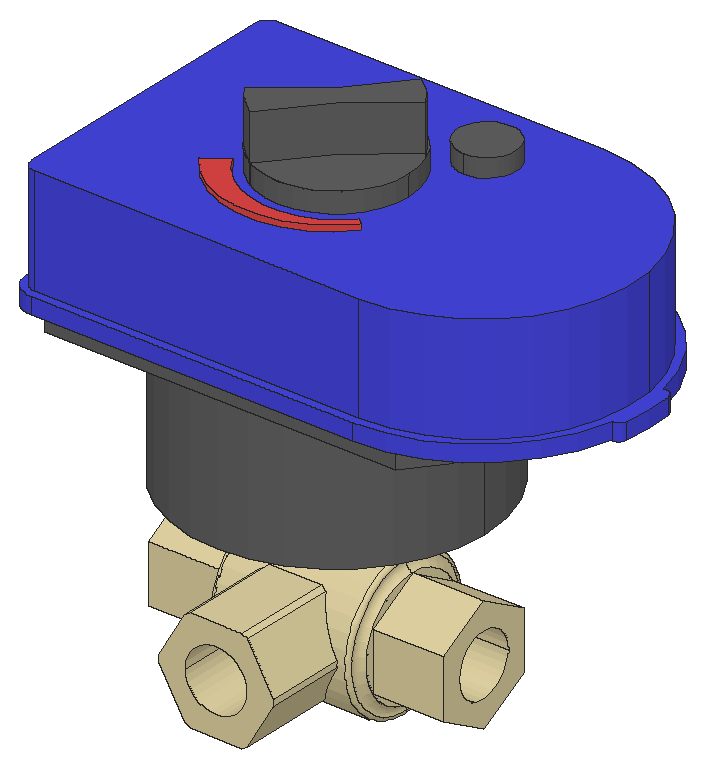
Revit family "QD34700000", category Apparecchi idraulici, Revit 2020
Family settings
  Quota connettore circolare = Usa diametro
  Tipo di parte = Normale
  Numero OmniClass = 23.45.00.00
  Titolo OmniClass = Sanitary, Laundry, and Cleaning Equipment
  Basato su piano di lavoro = No
  Sempre verticale = Sì
  Taglio con vuoti quando caricato = No
  Condiviso = No
  Punto di calcolo locali = No
Parameters
  URL = "https://web.cimberio.it/index.php/figura/1106?subcategoria_id=20"
  Temperatura di esercizio = "-10 ÷ 95°C"
  Prospetto di default = 0 mm
  Produttore = "CIMBERIO SPA"
  Pressione nominale = "PN 16"
  Modello = "Cim 680"
  Materiale = "Prodotto in lega di ottone conforme alla norma EN 12165-CW617N-DW"
  Descrizione = "Utilizzato nei più svariati settori dell'impiantistica: impianti di riscaldamento, condizionamento, idrici, igienico-sanitari e in generale con ogni fluido non corrosivo.\r\nParticolarmente indicato come valvola  per la regolazione e contabilizzazione di impianti di riscaldamento singoli o a zone, impianti con utilizzazione di energie alternative, impianti con fluidi caldi o freddi e impianti di automazione in genere."
  DN Model [instance] = QD34701015 : QD34701015
  DN [instance] = 15 mm
  Commenti sul tipo = "Realizzato in ottemperanza ai requisiti gestionali della norma EN ISO 9001.\r\nCollaudato al 100% secondo la normativa EN 12266-1"
Reference planes
  plane 1 "Centro (Fronte/Retro)": y = 0
  plane 2: z = 0
  plane 3 "Centro (Sinistra/Destra)": x = 0
Dimensions and locks
  aligned and locked: level to plane 2
Nested families
  nested 1: "QD34701015" at (0, 0, 0), type <- "DN Model", type "QD34701015"
  nested 2: "QD34701015" at (0, 0, 0), type <- "DN Model", type "QD34701015"
  nested 3: "QD34701015" at (0, 0, 0), type <- "DN Model", type "QD34701015"
  nested 4: "QD34701015" at (0, 0, 0), type <- "DN Model", type "QD34701015"
Connectors
  piping at (35.787, 0, 0), diameter 15, driven by "DN"
    settings: on nested 1, index 1, connector inside diameter 609.6 mm, connector length 0 mm, flow factor 0, pipe flow 0.0 L/s, pressure drop 0.0 Pa, fitting loss kfactor 0, connector angle 0.00°, fixture units 0, engagement length 0 mm, angle of deflection 0.00°, flow configuration 0, flow direction 0, fitting loss method 0, system type 7, joint type 0, gender type 0, connector reference index -1, connector utility 0, adjustable connector no, is connector primary yes, connector description ""
  piping at (-35.787, 0, 0), diameter 15, driven by "DN"
    settings: on nested 1, index 2, connector inside diameter 609.6 mm, connector length 0 mm, flow factor 0, pipe flow 0.0 L/s, pressure drop 0.0 Pa, fitting loss kfactor 0, connector angle 0.00°, fixture units 0, engagement length 0 mm, angle of deflection 0.00°, flow configuration 0, flow direction 0, fitting loss method 0, system type 7, joint type 0, gender type 0, connector reference index -1, connector utility 0, adjustable connector no, is connector primary no, connector description ""
  piping at (0, -36.468, 0), diameter 15, driven by "DN"
    settings: on nested 1, index 3, connector inside diameter 609.6 mm, connector length 0 mm, flow factor 0, pipe flow 0.0 L/s, pressure drop 0.0 Pa, fitting loss kfactor 0, connector angle 0.00°, fixture units 0, engagement length 0 mm, angle of deflection 0.00°, flow configuration 0, flow direction 0, fitting loss method 0, system type 7, joint type 0, gender type 0, connector reference index -1, connector utility 0, adjustable connector no, is connector primary no, connector description ""
Definition of nested family "QD34701015"
  Parameters (values of type "QD34701015")
    URL = "https://web.cimberio.it/index.php/figura/394?subcategoria_id="
    Temperatura di esercizio = "-10 ÷ 95°C"
    Default Elevation = 0 mm
    Manufacturer = "CIMBERIO SPA"
    Pressione nominale = "PN 16"
    Model = "Cim 32"
    Materiale = "Prodotto in lega di ottone conforme alla norma EN 12165-CW617N-DW"
    Description = "Impiegato nei più svariati settori dell'impiantistica in condutture anti-ritorno per: reti di distribuzione acqua potabile, impianti di riscaldamento, condizionamento, igienico-sanitari e in generale con ogni fluido non corrosivo."
    DN [instance] = 50 mm
    Type Comments = "Realizzato in ottemperanza ai requisiti gestionali della norma EN ISO 9001.\r\nCollaudato al 100% secondo la normativa EN 12266-1"
  Reference planes
    plane 1 "Centro (Fronte/Retro)": y = 0
    plane 2: z = 0
    plane 3 "Centro (Sinistra/Destra)": x = 0
    plane 4: y = 17.532
    plane 5: y = -36.468
  Forms (mm)
    Revolve 1, solid
      sketch origin (51.589, 0, -3.5) x (-1, 0, 0) y (0, 0, -1)
        loop
          arc (35.589, 14) -> (34.882, 13.707) -> (34.589, 13) r 1
          arc (34.589, 13) -> (34.343, 11.448) -> (33.089, 10.5) r 2.103
          line (33.089, 10.5) -> (33.089, 4) -> (70.089, 4) -> (70.089, 10.5)
          arc (70.089, 10.5) -> (68.993, 11.542) -> (68.589, 13) r 2.833
          arc (68.589, 13) -> (68.296, 13.707) -> (67.589, 14) r 1
          line (67.589, 14) -> (35.589, 14)
        axis (70.089, -3.5) -> (33.089, -3.5)
      angle from 0 to 360
    Extrusion 2, solid
      sketch origin (0, 0, 0) x (0, 1, 0) y (0, 0, 1)
        loop
          circle (0, 0) r 7.5
        loop
          line (0, 14) -> (-12.124, 7) -> (-12.124, -7) -> (0, -14) -> (12.124, -7) -> (12.124, 7) -> (0, 14)
      from -35.787 to -18
    Revolve 3, solid
      sketch origin (51.589, 0, -3.5) x (-1, 0, 0) y (0, 0, -1)
        loop
          line (62.339, -39.814) -> (62.339, -9.295) -> (51.589, -9.295) -> (51.589, -39.814) -> (62.339, -39.814)
        axis (51.589, -39.814) -> (51.589, -9.295)
      angle from 0 to 360
    Revolve 4, solid
      sketch origin (35.5, 0, 95.039) x (-1, 0, 0) y (0, 0, -1)
        loop
          line (71.631, 66.539) -> (35.5, 66.539) -> (35.5, 33.326) -> (71.631, 33.326) -> (71.631, 66.539)
        axis (35.5, 33.326) -> (35.5, 66.539)
      angle from 0 to 360
    Extrusion 5, solid
      sketch origin (35.5, -10.25, 97.703) x (-1, 0, 0) y (0, 0, -1)
        loop
          line (54.947, 66.539) -> (54.947, 73.202)
          spline (54.947, 73.202) -> (54.938, 73.333) -> (54.913, 73.461) -> (54.871, 73.585) -> (54.813, 73.703) -> (54.74, 73.811) -> (54.654, 73.91) -> (54.556, 73.996) -> (54.447, 74.069) -> (54.33, 74.127) -> (54.206, 74.169) -> (54.078, 74.194) -> (53.947, 74.203)
          line (53.947, 74.203) -> (17.053, 74.203)
          spline (17.053, 74.203) -> (16.922, 74.194) -> (16.794, 74.169) -> (16.67, 74.127) -> (16.553, 74.069) -> (16.444, 73.996) -> (16.346, 73.91) -> (16.26, 73.811) -> (16.187, 73.703) -> (16.129, 73.585) -> (16.087, 73.461) -> (16.062, 73.333) -> (16.053, 73.202)
          line (16.053, 73.202) -> (16.053, 66.539) -> (54.947, 66.539)
      from 1.874 to -22.374
    Extrusion 6, solid
      sketch origin (0, 0, 62) x (1, 0, 0) y (0, 1, 0)
        loop
          line (-49.032, 33.243) -> (-49.032, -32.757)
          arc (-49.032, -32.757) -> (-47.273, -36.997) -> (-43.032, -38.754) r 6
          line (-43.032, -38.754) -> (34.908, -38.754)
          arc (34.908, -38.754) -> (59.508, -30.016) -> (73.086, -7.72) r 39
          arc (73.086, -7.72) -> (74.609, -7.386) -> (75.43, -6.061) r 2
          arc (75.43, -6.061) -> (75.918, 0.246) -> (75.43, 6.554) r 41.01
          arc (75.43, 6.554) -> (74.609, 7.879) -> (73.086, 8.212) r 2
          arc (73.086, 8.212) -> (59.508, 30.509) -> (34.908, 39.246) r 39
          line (34.908, 39.246) -> (-43.032, 39.246)
          arc (-43.032, 39.246) -> (-47.276, 37.488) -> (-49.032, 33.243) r 6
      from 7.5 to 3.5
    Extrusion 7, solid
      sketch origin (-37.361, 0, 95.6) x (1, 0, 0) y (0, 1, 0)
        loop
          line (72.27, 37.211) -> (-6.599, 37.211)
          arc (-6.599, 37.211) -> (-8.746, 36.322) -> (-9.635, 34.175) r 3.037
          line (-9.635, 34.175) -> (-9.635, -33.68)
          arc (-9.635, -33.68) -> (-8.745, -35.829) -> (-6.597, -36.719) r 3.038
          line (-6.597, -36.719) -> (72.27, -36.719)
          arc (72.27, -36.719) -> (100.31, -23.84) -> (108.812, 5.822) r 36.965
          arc (108.812, 5.822) -> (96.356, 28.287) -> (72.27, 37.211) r 36.965
      from -26.1 to 0
    Extrusion 8, solid
      sketch origin (-37.361, 0, 136.097) x (1, 0, 0) y (0, 1, 0)
        loop
          line (-4.039, 37.211) -> (-4.039, -36.719) -> (81.261, -36.719)
          arc (81.261, -36.719) -> (96.507, 0.246) -> (81.261, 37.211) r 52.437
          line (81.261, 37.211) -> (-4.039, 37.211)
      from -74.6 to -70.597
    Extrusion 9, solid
      sketch origin (-37.361, 0, 95.6) x (1, 0, 0) y (0, 1, 0)
        loop
          circle (37.361, 0) r 17.716
      from 0 to 4.856
    Extrusion 10, solid
      sketch origin (-37.361, 0, 95.6) x (1, 0, 0) y (0, 1, 0)
        loop
          circle (57.768, 20.284) r 7
      from 0 to 4.4
    Extrusion 11, solid
      sketch origin (-37.361, 0, 95.6) x (1, 0, 0) y (0, 1, 0)
        loop
          line (21.289, -11.405) -> (15.964, -15.133)
          arc (15.964, -15.133) -> (35.756, -25.462) -> (55.91, -15.858) r 25
          line (55.91, -15.858) -> (54.378, -14.572)
          arc (54.378, -14.572) -> (36.988, -21.823) -> (21.289, -11.405) r 20
      from 0 to 1.4
    Extrusion 12, solid
      sketch origin (-37.361, 0, 95.6) x (1, 0, 0) y (0, 1, 0)
        loop
          arc (22.16, -8.848) -> (24.965, -12.52) -> (28.637, -15.324) r 17.4
          arc (28.637, -15.324) -> (39.39, -2.337) -> (52.376, 8.416) r 90
          arc (52.376, 8.416) -> (49.572, 12.088) -> (45.9, 14.892) r 17.4
          arc (45.9, 14.892) -> (35.147, 1.905) -> (22.16, -8.848) r 90
      from 0 to 15.9
    Extrusion 13, solid
      sketch origin (0, 0, 0) x (0, 1, 0) y (0, 0, -1)
        loop
          circle (0, 0) r 7.5
        loop
          line (0, -14) -> (12.124, -7) -> (12.124, 7) -> (0, 14) -> (-12.124, 7) -> (-12.124, -7) -> (0, -14)
      from -35.787 to -18
    Extrusion 14, solid
      sketch origin (0, 0, 0) x (1, 0, 0) y (0, 0, 1)
        loop
          arc (-6.305, 12.5) -> (-7, 12.124) -> (-7.673, 11.71) r 14
          line (-7.673, 11.71) -> (-13.978, 0.79)
          arc (-13.978, 0.79) -> (-14, 0) -> (-13.978, -0.79) r 14
          line (-13.978, -0.79) -> (-7.673, -11.71)
          arc (-7.673, -11.71) -> (-7, -12.124) -> (-6.305, -12.5) r 14
          line (-6.305, -12.5) -> (6.305, -12.5)
          arc (6.305, -12.5) -> (7, -12.124) -> (7.673, -11.71) r 14
          line (7.673, -11.71) -> (13.978, -0.79)
          arc (13.978, -0.79) -> (14, 0) -> (13.978, 0.79) r 14
          line (13.978, 0.79) -> (7.673, 11.71)
          arc (7.673, 11.71) -> (7, 12.124) -> (6.305, 12.5) r 14
          line (6.305, 12.5) -> (-6.305, 12.5)
        loop
          circle (0, 0) r 7.5
      from 7.792 to 36.468
  Dimensions and locks
    aligned and locked: level to plane 2
